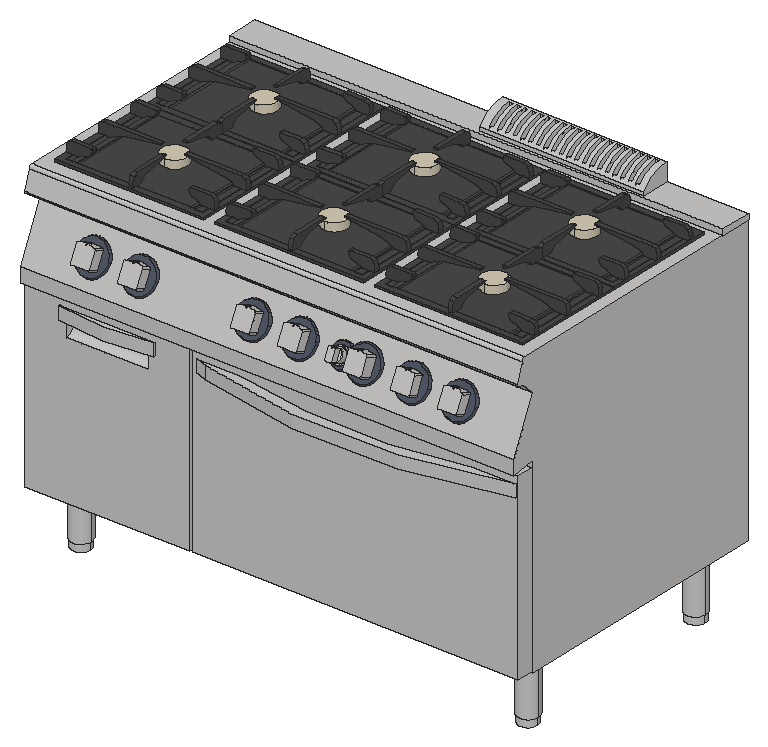
Revit family "QF_ZANUSSI_372152_Z7GCGL6C2A", category Specialty Equipment, Revit 2018
Family settings
  Round Connector Dimension = Use Diameter
  Part Type = Normal
  Work Plane-Based = No
  Always vertical = Yes
  Cut with Voids When Loaded = No
  Shared = No
  Room Calculation Point = No
Parameters (values of type "Standard")
  Weight = 120.00 kg
  Watts = 0 W
  Volts = 380 V
  URL Manufacturer = "http://www.zanussiprofessional.com"
  URL = "http://www.zanussiprofessional.com"
  Steam Supply Size = 0"
  Steam Supply Minimum Pressure = 0.00 psi
  Steam Supply Maximum Pressure = 0.00 psi
  Steam Pounds per Hour = 0
  Show Logo [instance] = yes
  Show Clearance [instance] = yes
  Refrigeration Suction Line Size = 0"
  Refrigeration Liquid Line Size = 0"
  Refrigerant Compressor Remote = yes
  Phase = 3
  Model = "Z7GCGL6C2A"
  Manufacturer = "Zanussi"
  Length Actual = 1200 mm  # constant formula
  Item Number = "372152"
  Hot Water Size = 0"
  Height Actual = 850 mm  # constant formula
  HP = "8 HP"
  Gas Size = 1/2"
  Gas KW = 33
  Gas Input Pressure = 1.10632 Btu/h
  Direct Waste Size = 0"
  Description = "6-BURN.GAS RANGE+EL.OVEN+CUPB.1200MM (AGA)"
  Depth Actual = 700 mm  # constant formula
  Cycle = 60 Hz
  Condensate Return Size = 0"
  Compressed Air Volume = 0 GPM
  Compressed Air Size = 0"
  Compressed Air Pressure = 0.00 psi
  Cold Water Size = 0"
  Assembly Code = ""
  Accessory = yes
Reference planes
  plane 1 "BACK": y = 0
  plane 2: z = 0
  plane 3 "LEFT": x = 0
  plane 4 "RIGHT": x = 1200
  plane 5 "FRONT": y = -700
  plane 6 "TOP": z = 908
  plane 7 "Center Y": x = 600
  plane 8 "Center X": y = -350
  plane 9 "Base": z = 150
  plane 10: z = 850
  plane 11: y = -715
  plane 12: y = -1109
  plane 13 "panel": through (-6096, -654.982, 762.214) normal (0, -0.8956, 0.4448)
  plane 14: x = 177.499
Forms (mm)
  Revolve 1, solid, material "QF_Finishes_Stainless Steel"
    sketch origin (1, -90, 0) x (1, 0, 0) y (0, 0, 1)
      loop
        line (55, 0) -> (55, 150) -> (29.6, 150) -> (29.6, 19.05) -> (32.1, 19.05) -> (32.1, 0) -> (55, 0)
      axis (55, 0) -> (55, 150)
    angle from 0 to 360
  Revolve 2, solid, material "QF_Finishes_Stainless Steel"
    sketch origin (1, -599.588, 0) x (1, 0, 0) y (0, 0, 1)
      loop
        line (55, 0) -> (55, 150) -> (29.6, 150) -> (29.6, 19.05) -> (32.1, 19.05) -> (32.1, 0) -> (55, 0)
      axis (55, 0) -> (55, 150)
    angle from 0 to 360
  Revolve 3, solid, material "QF_Finishes_Stainless Steel"
    sketch origin (799, -90, 0) x (-1, 0, 0) y (0, 0, -1)
      loop
        line (-345, 0) -> (-367.9, 0) -> (-367.9, -19.05) -> (-370.4, -19.05) -> (-370.4, -150) -> (-345, -150) -> (-345, 0)
      axis (-345, 0) -> (-345, -150)
    angle from 0 to 360
  Revolve 4, solid, material "QF_Finishes_Stainless Steel"
    sketch origin (799, -599.588, 0) x (-1, 0, 0) y (0, 0, -1)
      loop
        line (-345, 0) -> (-367.9, 0) -> (-367.9, -19.05) -> (-370.4, -19.05) -> (-370.4, -150) -> (-345, -150) -> (-345, 0)
      axis (-345, 0) -> (-345, -150)
    angle from 0 to 360
  Extrusion 5, solid, material "QF_Finishes_Stainless Steel"
    sketch origin (0, 0, 576.213) x (0, 1, 0) y (0, 0, 1)
      loop
        line (0, 273.788) -> (-679.358, 273.788)
        arc (-679.358, 273.788) -> (-684.643, 271.598) -> (-686.833, 266.313) r 7.474
        line (-686.833, 266.313) -> (-699.884, 220.798)
        arc (-699.884, 220.798) -> (-699.396, 218.166) -> (-697, 216.971) r 3
        line (-697, 216.971) -> (-686.802, 216.971) -> (-654.982, 185.152) -> (-715, 64.296) -> (-715, 29.296) -> (-658.645, 37.216)
        arc (-658.645, 37.216) -> (-656.101, 36.462) -> (-655, 34.047) r 3.2
        line (-655, 34.047) -> (-655, -426.212) -> (0, -426.212) -> (0, 273.788)
      loop
        line (-700, 23.788) -> (-700, -421.212) -> (-660, -421.212) -> (-660, 23.788) -> (-700, 23.788)
    from 0 to 1200
  Extrusion 6, solid, material "QF_Finishes_Stainless Steel"
    sketch origin (0, 0, 576.213) x (0, 1, 0) y (0, 0, 1)
      loop
        line (0, 273.787) -> (0, 288.075) -> (-76.2, 288.075) -> (-76.2, 273.787) -> (0, 273.787)
    from 0 to 1200
  Extrusion 7, solid, material "QF_Finishes_Stainless Steel"
    sketch origin (0, 0, 150) x (-1, 0, 0) y (0, -1, 0)
      loop
        circle (-1147.613, 464) r 6.35
    from -8.815 to 7.722
  Extrusion 8, solid, material "QF_Finishes_Door Clearance", visible <- "Show Clearance", detail levels coarse
    sketch origin (0, 0, 0) x (0, 1, 0) y (0, 0, 1)
      loop
        arc (-700, 600) -> (-991.638, 457.589) -> (-1109, 155) r 445
        line (-1109, 155) -> (-700, 155) -> (-700, 600)
    from 0 to 400.5
  Extrusion 9, solid, material "QF_Finishes_Clearance", visible <- "Show Clearance", detail levels coarse
    sketch origin (0, 0, 0) x (1, 0, 0) y (0, 1, 0)
      loop
        line (-150, -715) -> (0, -715) -> (0, 0) -> (1200, 0) -> (1200, -715) -> (1350, -715) -> (1350, 150) -> (-150, 150) -> (-150, -715)
    from 0 to 908.85
  Extrusion 10, void
    sketch origin (-62.611, 0, 865.138) x (-1, 0, 0) y (0, -1, 0)
      loop
        line (-695.005, 6.761) -> (-685.709, 6.761) -> (-685.709, 63.911) -> (-695.005, 63.911) -> (-695.005, 6.761)
      loop
        line (-713.697, 6.761) -> (-704.401, 6.761) -> (-704.401, 63.911) -> (-713.697, 63.911) -> (-713.697, 6.761)
      loop
        line (-732.39, 6.761) -> (-723.094, 6.761) -> (-723.094, 63.911) -> (-732.39, 63.911) -> (-732.39, 6.761)
      loop
        line (-751.082, 6.761) -> (-741.787, 6.761) -> (-741.787, 63.911) -> (-751.082, 63.911) -> (-751.082, 6.761)
      loop
        line (-769.775, 6.761) -> (-760.479, 6.761) -> (-760.479, 63.911) -> (-769.775, 63.911) -> (-769.775, 6.761)
      loop
        line (-788.468, 6.761) -> (-779.172, 6.761) -> (-779.172, 63.911) -> (-788.468, 63.911) -> (-788.468, 6.761)
      loop
        line (-807.16, 6.761) -> (-797.864, 6.761) -> (-797.864, 63.911) -> (-807.16, 63.911) -> (-807.16, 6.761)
      loop
        line (-825.853, 6.761) -> (-816.557, 6.761) -> (-816.557, 63.911) -> (-825.853, 63.911) -> (-825.853, 6.761)
      loop
        line (-844.545, 6.761) -> (-835.25, 6.761) -> (-835.25, 63.911) -> (-844.545, 63.911) -> (-844.545, 6.761)
      loop
        line (-863.238, 6.761) -> (-853.942, 6.761) -> (-853.942, 63.911) -> (-863.238, 63.911) -> (-863.238, 6.761)
      loop
        line (-881.931, 6.761) -> (-872.635, 6.761) -> (-872.635, 63.911) -> (-881.931, 63.911) -> (-881.931, 6.761)
      loop
        line (-900.623, 6.761) -> (-891.328, 6.761) -> (-891.328, 63.911) -> (-900.623, 63.911) -> (-900.623, 6.761)
      loop
        line (-919.316, 6.761) -> (-910.02, 6.761) -> (-910.02, 63.911) -> (-919.316, 63.911) -> (-919.316, 6.761)
      loop
        line (-938.008, 6.761) -> (-928.713, 6.761) -> (-928.713, 63.911) -> (-938.008, 63.911) -> (-938.008, 6.761)
      loop
        line (-956.701, 6.761) -> (-947.405, 6.761) -> (-947.405, 63.911) -> (-956.701, 63.911) -> (-956.701, 6.761)
      loop
        line (-975.394, 6.761) -> (-966.098, 6.761) -> (-966.098, 63.911) -> (-975.394, 63.911) -> (-975.394, 6.761)
      loop
        line (-994.086, 6.761) -> (-984.791, 6.761) -> (-984.791, 63.911) -> (-994.086, 63.911) -> (-994.086, 6.761)
      loop
        line (-1012.779, 6.761) -> (-1003.483, 6.761) -> (-1003.483, 63.911) -> (-1012.779, 63.911) -> (-1012.779, 6.761)
      loop
        line (-1031.472, 6.761) -> (-1022.176, 6.761) -> (-1022.176, 63.911) -> (-1031.472, 63.911) -> (-1031.472, 6.761)
      loop
        line (-1050.164, 6.761) -> (-1040.868, 6.761) -> (-1040.868, 63.911) -> (-1050.164, 63.911) -> (-1050.164, 6.761)
    from 9.525 to 45.348
  Extrusion 11, solid, material "QF_Finishes_Stainless Steel"
    sketch origin (202.4, 0, 590.5) x (0, 1, 0) y (0, 0, 1)
      loop
        line (0, 273.788) -> (0, 317.5)
        arc (0, 317.5) -> (-39.072, 308.879) -> (-69.85, 283.312) r 84.854
        line (-69.85, 283.312) -> (-69.85, 273.788) -> (0, 273.788)
    from 400 to 800
  Blend 12, solid, material "QF_Finishes_Navy Blue"
    base sketch origin (542.5, -684.991, 701.786) x (1, 0, 0) y (0, 0.444781, 0.895639)
      loop
        circle (0, 0) r 42.5
    top sketch origin (542.5, -684.991, 701.786) x (1, 0, 0) y (0, 0.444781, 0.895639)
      loop
        circle (0, 0) r 40.5
    from 0 to 5
  Extrusion 13, solid, material "QF_Finishes_Stainless Steel"
    sketch origin (542.5, -684.991, 701.786) x (1, 0, 0) y (0, 0.444781, 0.895639)
      loop
        arc (-21.147, 22.789) -> (-22.494, 21.685) -> (-23, 20.019) r 2.997
        line (-23, 20.019) -> (-23, -20.019)
        arc (-23, -20.019) -> (-22.122, -22.138) -> (-20.003, -23.016) r 2.997
        line (-20.003, -23.016) -> (20.003, -23.016)
        arc (20.003, -23.016) -> (22.122, -22.138) -> (23, -20.019) r 2.997
        line (23, -20.019) -> (23, 20.019)
        arc (23, 20.019) -> (22.494, 21.685) -> (21.147, 22.789) r 2.997
        arc (21.147, 22.789) -> (0, 26.984) -> (-21.147, 22.789) r 55.4
    from 10 to 34
  Extrusion 14, solid, material "QF_Plastic-Black-Matte"
    sketch origin (600, -684.991, 701.786) x (0, 0.444781, 0.895639) y (0, -0.895639, 0.444781)
      loop
        line (26.984, 34) -> (26.984, 19) -> (27.984, 19) -> (27.984, 34)
        arc (27.984, 34) -> (27.691, 34.707) -> (26.984, 35) r 1
        line (26.984, 35) -> (23.984, 35) -> (23.984, 34) -> (26.984, 34)
    from -58.5 to -56.5
  Extrusion 15, solid, material "QF_Finishes_Stainless Steel"
    sketch origin (542.5, -684.991, 701.786) x (1, 0, 0) y (0, 0.444781, 0.895639)
      loop
        line (17.5, 17.5) -> (-17.5, 17.5) -> (-17.5, -17.5) -> (17.5, -17.5) -> (17.5, 17.5)
    from 5 to 10
  Extrusion 16, solid, material "QF_Plastic-Black-Matte"
    sketch origin (600, -684.991, 701.786) x (0, 0.444781, 0.895639) y (0, 0.895639, -0.444781)
      loop
        line (26.984, -34) -> (23.984, -34) -> (23.984, -35) -> (26.984, -35)
        arc (26.984, -35) -> (27.691, -34.707) -> (27.984, -34) r 1
        line (27.984, -34) -> (27.984, -19) -> (26.984, -19) -> (26.984, -34)
    from -58.5 to -56.5
  Extrusion 17, solid, material "QF_Finishes_Stainless Steel"
    sketch origin (657.5, -684.991, 701.786) x (-1, 0, 0) y (0, -0.444781, -0.895639)
      loop
        line (17.5, -17.5) -> (17.5, 17.5) -> (-17.5, 17.5) -> (-17.5, -17.5) -> (17.5, -17.5)
    from 5 to 10
  Blend 18, solid, material "QF_Finishes_Navy Blue"
    base sketch origin (657.5, -684.991, 701.786) x (1, 0, 0) y (0, 0.444781, 0.895639)
      loop
        circle (0, 0) r 42.5
    top sketch origin (657.5, -684.991, 701.786) x (1, 0, 0) y (0, 0.444781, 0.895639)
      loop
        circle (0, 0) r 40.5
    from 0 to 5
  Extrusion 19, solid, material "QF_Finishes_Stainless Steel"
    sketch origin (657.5, -684.991, 701.786) x (-1, 0, 0) y (0, -0.444781, -0.895639)
      loop
        arc (-21.147, -22.789) -> (0, -26.984) -> (21.147, -22.789) r 55.4
        arc (21.147, -22.789) -> (22.494, -21.685) -> (23, -20.019) r 2.997
        line (23, -20.019) -> (23, 20.019)
        arc (23, 20.019) -> (22.122, 22.138) -> (20.003, 23.016) r 2.997
        line (20.003, 23.016) -> (-20.003, 23.016)
        arc (-20.003, 23.016) -> (-22.122, 22.138) -> (-23, 20.019) r 2.997
        line (-23, 20.019) -> (-23, -20.019)
        arc (-23, -20.019) -> (-22.494, -21.685) -> (-21.147, -22.789) r 2.997
    from 10 to 34
  Blend 20, solid, material "QF_Finishes_Navy Blue"
    base sketch origin (814.75, -684.991, 701.786) x (1, 0, 0) y (0, 0.444781, 0.895639)
      loop
        arc (-35.05, -24.037) -> (42.5, 0) -> (-35.05, 24.037) r 42.5
        arc (-35.05, 24.037) -> (-83, 0) -> (-35.05, -24.037) r 30
    top sketch origin (814.75, -684.991, 701.786) x (1, 0, 0) y (0, 0.444781, 0.895639)
      loop
        arc (-34.578, -21.086) -> (40.5, 0) -> (-34.578, 21.086) r 40.5
        arc (-34.578, 21.086) -> (-81, 0) -> (-34.578, -21.086) r 28
    from 0 to 5
  Extrusion 21, solid, material "QF_Finishes_Stainless Steel"
    sketch origin (582.25, -684.991, 701.786) x (1, 0, 0) y (0, 0.444781, 0.895639)
      loop
        circle (177.499, -0.341) r 20
    from 5 to 10
  Extrusion 22, void
    sketch origin (814.75, -684.991, 701.786) x (1, 0, 0) y (0, -0.895639, 0.444781)
      loop
        line (-62.999, 24.837) -> (-62.999, 40) -> (-71.893, 40) -> (-71.893, 22) -> (-65.835, 22)
        arc (-65.835, 22) -> (-63.827, 22.828) -> (-62.999, 24.837) r 2.827
      loop
        arc (-47.003, 24.837) -> (-46.175, 22.828) -> (-44.167, 22) r 2.827
        line (-44.167, 22) -> (-38.109, 22) -> (-38.109, 40) -> (-47.003, 40) -> (-47.003, 24.837)
    from -20.019 to 20.019
  Extrusion 23, solid, material "QF_Finishes_Stainless Steel"
    sketch origin (582.25, -684.991, 701.786) x (1, 0, 0) y (0, 0.444781, 0.895639)
      loop
        arc (211.353, 22.789) -> (210.006, 21.685) -> (209.5, 20.019) r 2.997
        line (209.5, 20.019) -> (209.5, -20.019)
        arc (209.5, -20.019) -> (210.378, -22.138) -> (212.497, -23.016) r 2.997
        line (212.497, -23.016) -> (252.503, -23.016)
        arc (252.503, -23.016) -> (254.622, -22.138) -> (255.5, -20.019) r 2.997
        line (255.5, -20.019) -> (255.5, 20.019)
        arc (255.5, 20.019) -> (254.994, 21.685) -> (253.647, 22.789) r 2.997
        arc (253.647, 22.789) -> (232.5, 26.984) -> (211.353, 22.789) r 55.4
    from 5 to 34
  Blend 24, solid, material "QF_Finishes_Navy Blue"
    base sketch origin (931.5, -684.991, 701.786) x (1, 0, 0) y (0, 0.444781, 0.895639)
      loop
        circle (0, 0) r 42.5
    top sketch origin (931.5, -684.991, 701.786) x (1, 0, 0) y (0, 0.444781, 0.895639)
      loop
        circle (0, 0) r 40.5
    from 0 to 5
  Extrusion 25, solid, material "QF_Finishes_Stainless Steel"
    sketch origin (931.5, -684.991, 701.786) x (1, 0, 0) y (0, 0.444781, 0.895639)
      loop
        arc (-21.147, 22.789) -> (-22.494, 21.685) -> (-23, 20.019) r 2.997
        line (-23, 20.019) -> (-23, -20.019)
        arc (-23, -20.019) -> (-22.122, -22.138) -> (-20.003, -23.016) r 2.997
        line (-20.003, -23.016) -> (20.003, -23.016)
        arc (20.003, -23.016) -> (22.122, -22.138) -> (23, -20.019) r 2.997
        line (23, -20.019) -> (23, 20.019)
        arc (23, 20.019) -> (22.494, 21.685) -> (21.147, 22.789) r 2.997
        arc (21.147, 22.789) -> (0, 26.984) -> (-21.147, 22.789) r 55.4
    from 10 to 34
  Extrusion 26, solid, material "QF_Plastic-Black-Matte"
    sketch origin (989, -684.991, 701.786) x (0, 0.444781, 0.895639) y (0, -0.895639, 0.444781)
      loop
        line (26.984, 34) -> (26.984, 19) -> (27.984, 19) -> (27.984, 34)
        arc (27.984, 34) -> (27.691, 34.707) -> (26.984, 35) r 1
        line (26.984, 35) -> (23.984, 35) -> (23.984, 34) -> (26.984, 34)
    from -58.5 to -56.5
  Extrusion 27, solid, material "QF_Finishes_Stainless Steel"
    sketch origin (931.5, -684.991, 701.786) x (1, 0, 0) y (0, 0.444781, 0.895639)
      loop
        line (17.5, 17.5) -> (-17.5, 17.5) -> (-17.5, -17.5) -> (17.5, -17.5) -> (17.5, 17.5)
    from 5 to 10
  Extrusion 28, solid, material "QF_Plastic-Black-Matte"
    sketch origin (989, -684.991, 701.786) x (0, 0.444781, 0.895639) y (0, 0.895639, -0.444781)
      loop
        line (26.984, -34) -> (23.984, -34) -> (23.984, -35) -> (26.984, -35)
        arc (26.984, -35) -> (27.691, -34.707) -> (27.984, -34) r 1
        line (27.984, -34) -> (27.984, -19) -> (26.984, -19) -> (26.984, -34)
    from -58.5 to -56.5
  Extrusion 29, solid, material "QF_Finishes_Stainless Steel"
    sketch origin (1046.5, -684.991, 701.786) x (-1, 0, 0) y (0, -0.444781, -0.895639)
      loop
        line (17.5, -17.5) -> (17.5, 17.5) -> (-17.5, 17.5) -> (-17.5, -17.5) -> (17.5, -17.5)
    from 5 to 10
  Blend 30, solid, material "QF_Finishes_Navy Blue"
    base sketch origin (1046.5, -684.991, 701.786) x (1, 0, 0) y (0, 0.444781, 0.895639)
      loop
        circle (0, 0) r 42.5
    top sketch origin (1046.5, -684.991, 701.786) x (1, 0, 0) y (0, 0.444781, 0.895639)
      loop
        circle (0, 0) r 40.5
    from 0 to 5
  Extrusion 31, solid, material "QF_Finishes_Stainless Steel"
    sketch origin (1046.5, -684.991, 701.786) x (-1, 0, 0) y (0, -0.444781, -0.895639)
      loop
        arc (-21.147, -22.789) -> (0, -26.984) -> (21.147, -22.789) r 55.4
        arc (21.147, -22.789) -> (22.494, -21.685) -> (23, -20.019) r 2.997
        line (23, -20.019) -> (23, 20.019)
        arc (23, 20.019) -> (22.122, 22.138) -> (20.003, 23.016) r 2.997
        line (20.003, 23.016) -> (-20.003, 23.016)
        arc (-20.003, 23.016) -> (-22.122, 22.138) -> (-23, 20.019) r 2.997
        line (-23, 20.019) -> (-23, -20.019)
        arc (-23, -20.019) -> (-22.494, -21.685) -> (-21.147, -22.789) r 2.997
    from 10 to 34
  Blend 32, solid, material "QF_Finishes_Navy Blue"
    base sketch origin (153.5, -684.991, 701.786) x (1, 0, 0) y (0, 0.444781, 0.895639)
      loop
        circle (0, 0) r 42.5
    top sketch origin (153.5, -684.991, 701.786) x (1, 0, 0) y (0, 0.444781, 0.895639)
      loop
        circle (0, 0) r 40.5
    from 0 to 5
  Extrusion 33, solid, material "QF_Finishes_Stainless Steel"
    sketch origin (153.5, -684.991, 701.786) x (1, 0, 0) y (0, 0.444781, 0.895639)
      loop
        arc (-21.147, 22.789) -> (-22.494, 21.685) -> (-23, 20.019) r 2.997
        line (-23, 20.019) -> (-23, -20.019)
        arc (-23, -20.019) -> (-22.122, -22.138) -> (-20.003, -23.016) r 2.997
        line (-20.003, -23.016) -> (20.003, -23.016)
        arc (20.003, -23.016) -> (22.122, -22.138) -> (23, -20.019) r 2.997
        line (23, -20.019) -> (23, 20.019)
        arc (23, 20.019) -> (22.494, 21.685) -> (21.147, 22.789) r 2.997
        arc (21.147, 22.789) -> (0, 26.984) -> (-21.147, 22.789) r 55.4
    from 10 to 34
  Extrusion 34, solid, material "QF_Plastic-Black-Matte"
    sketch origin (211, -684.991, 701.786) x (0, 0.444781, 0.895639) y (0, -0.895639, 0.444781)
      loop
        line (26.984, 34) -> (26.984, 19) -> (27.984, 19) -> (27.984, 34)
        arc (27.984, 34) -> (27.691, 34.707) -> (26.984, 35) r 1
        line (26.984, 35) -> (23.984, 35) -> (23.984, 34) -> (26.984, 34)
    from -58.5 to -56.5
  Extrusion 35, solid, material "QF_Finishes_Stainless Steel"
    sketch origin (153.5, -684.991, 701.786) x (1, 0, 0) y (0, 0.444781, 0.895639)
      loop
        line (17.5, 17.5) -> (-17.5, 17.5) -> (-17.5, -17.5) -> (17.5, -17.5) -> (17.5, 17.5)
    from 5 to 10
  Extrusion 36, solid, material "QF_Plastic-Black-Matte"
    sketch origin (211, -684.991, 701.786) x (0, 0.444781, 0.895639) y (0, 0.895639, -0.444781)
      loop
        line (26.984, -34) -> (23.984, -34) -> (23.984, -35) -> (26.984, -35)
        arc (26.984, -35) -> (27.691, -34.707) -> (27.984, -34) r 1
        line (27.984, -34) -> (27.984, -19) -> (26.984, -19) -> (26.984, -34)
    from -58.5 to -56.5
  Extrusion 37, solid, material "QF_Finishes_Stainless Steel"
    sketch origin (268.5, -684.991, 701.786) x (-1, 0, 0) y (0, -0.444781, -0.895639)
      loop
        line (17.5, -17.5) -> (17.5, 17.5) -> (-17.5, 17.5) -> (-17.5, -17.5) -> (17.5, -17.5)
    from 5 to 10
  Blend 38, solid, material "QF_Finishes_Navy Blue"
    base sketch origin (268.5, -684.991, 701.786) x (1, 0, 0) y (0, 0.444781, 0.895639)
      loop
        circle (0, 0) r 42.5
    top sketch origin (268.5, -684.991, 701.786) x (1, 0, 0) y (0, 0.444781, 0.895639)
      loop
        circle (0, 0) r 40.5
    from 0 to 5
  Extrusion 39, solid, material "QF_Finishes_Stainless Steel"
    sketch origin (268.5, -684.991, 701.786) x (-1, 0, 0) y (0, -0.444781, -0.895639)
      loop
        arc (-21.147, -22.789) -> (0, -26.984) -> (21.147, -22.789) r 55.4
        arc (21.147, -22.789) -> (22.494, -21.685) -> (23, -20.019) r 2.997
        line (23, -20.019) -> (23, 20.019)
        arc (23, 20.019) -> (22.122, 22.138) -> (20.003, 23.016) r 2.997
        line (20.003, 23.016) -> (-20.003, 23.016)
        arc (-20.003, 23.016) -> (-22.122, 22.138) -> (-23, 20.019) r 2.997
        line (-23, 20.019) -> (-23, -20.019)
        arc (-23, -20.019) -> (-22.494, -21.685) -> (-21.147, -22.789) r 2.997
    from 10 to 34
  Extrusion 40, solid, material "QF_Finishes_Stainless Steel"
    sketch origin (0, -827.391, 415.041) x (0, 0.444781, 0.895639) y (-1, 0, 0)
      loop
        circle (319.816, -759.749) r 16
    from 10 to 40
  Extrusion 41, solid, material "QF_Finishes_Stainless Steel"
    sketch origin (-7.892, 0, 150) x (-1, 0, 0) y (0, -1, 0)
      loop
        line (-1202.142, 700) -> (-1108.537, 700)
        arc (-1108.537, 700) -> (-812.142, 735) -> (-515.747, 700) r 1272.5
        line (-515.747, 700) -> (-422.142, 700)
        arc (-422.142, 700) -> (-439.359, 705.295) -> (-456.648, 710.35) r 1297.5
        arc (-456.648, 710.35) -> (-830.154, 759.875) -> (-1202.142, 700) r 1297.5
    from 400 to 430
  Extrusion 42, solid, material "QF_Finishes_Stainless Steel"
    sketch origin (0, 0, 150) x (-1, 0, 0) y (0, -1, 0)
      loop
        arc (-85.253, 704) -> (-200.527, 715) -> (-315.8, 704) r 609.497
        line (-315.8, 704) -> (-315.8, 700) -> (-85.253, 700) -> (-85.253, 704)
    from 400 to 430
  Extrusion 43, solid, material "QF_Finishes_Door Clearance", visible <- "Show Clearance", detail levels coarse
    sketch origin (0, 0, 0) x (0, 1, 0) y (0, 0, 1)
      loop
        line (-1109, 150) -> (-700, 150) -> (-700, 601.405)
        arc (-700, 601.405) -> (-991.543, 454.568) -> (-1109, 150) r 453.603
    from 408.5 to 1200
  Extrusion 44, solid, material "QF_Finishes_Stainless Steel"
    sketch origin (0, 0, 150) x (-1, 0, 0) y (0, -1, 0)
      loop
        circle (-1152, 513) r 10
    from 0 to -3
  Extrusion 45, void
    sketch origin (0, 0, 0) x (0, 1, 0) y (0, 0, 1)
      loop
        line (-700, 565.85) -> (-700, 515.05)
        arc (-700, 515.05) -> (-684.405, 523.118) -> (-678.147, 539.523) r 24.63
        line (-678.147, 539.523) -> (-678.147, 565.85) -> (-700, 565.85)
    from 300.8 to 100.253
  Extrusion 46, void
    sketch origin (0, -700, 0) x (1, 0, 0) y (0, 0, 1)
      loop
        line (400.5, 600) -> (400.5, 155) -> (408.5, 155) -> (408.5, 600) -> (400.5, 600)
    from 0 to -40
  Extrusion 47, solid, material "QF_Plastic-Black-Matte"
    sketch origin (872.25, -684.991, 701.786) x (0, 0.444781, 0.895639) y (0, -0.895639, 0.444781)
      loop
        line (26.984, 34) -> (26.984, 19) -> (27.984, 19) -> (27.984, 34)
        arc (27.984, 34) -> (27.691, 34.707) -> (26.984, 35) r 1
        line (26.984, 35) -> (23.984, 35) -> (23.984, 34) -> (26.984, 34)
    from -58.5 to -56.5
  Extrusion 48, solid, material "QF_Plastic-Black-Matte"
    sketch origin (817.249, -695.402, 694.312) x (0, 0.444781, 0.895639) y (0, -0.895639, 0.444781)
      loop
        line (26.984, 34) -> (26.984, 19) -> (27.984, 19) -> (27.984, 34)
        arc (27.984, 34) -> (27.691, 34.707) -> (26.984, 35) r 1
        line (26.984, 35) -> (23.984, 35) -> (23.984, 34) -> (26.984, 34)
    from -58.5 to -56.5
Cuts and joins
  Extrusion 10 cuts Extrusion 6
  Extrusion 10, Extrusion 45 cuts Extrusion 9
  Extrusion 10 cuts Extrusion 11
  Extrusion 22 cuts Extrusion 40
  Extrusion 45, Extrusion 46 cuts Extrusion 5
Lines and regions (mm)
  Split face 1
    outline origin (542.5, -689.469, 704.01) x (1, 0, 0) y (0, 0.444781, 0.895639)
      loop
        circle (-33, 0) r 3
  Split face 2
    outline origin (663.401, -689.469, 704.01) x (1, 0, 0) y (0, 0.444781, 0.895639)
      loop
        line (-8.901, 38.561) -> (-8.901, 28.561) -> (-2.901, 28.561) -> (-2.901, 38.561) -> (-8.901, 38.561)
  Split face 3
    outline origin (663.401, -689.469, 704.01) x (1, 0, 0) y (0, 0.444781, 0.895639)
      loop
        line (-8.401, 38.061) -> (-8.401, 29.061) -> (-3.401, 29.061) -> (-3.401, 38.061) -> (-8.401, 38.061)
  Split face 4
    outline origin (663.401, -689.469, 704.01) x (1, 0, 0) y (0, 0.444781, 0.895639)
      loop
        line (-8.401, 33.561) -> (-3.401, 33.561)
  Split face 5
    outline origin (663.401, -689.469, 704.01) x (1, 0, 0) y (0, 0.444781, 0.895639)
      loop
        line (-8.401, 33.061) -> (-3.401, 33.061)
  Split face 6
    outline origin (548.401, -689.469, 704.01) x (1, 0, 0) y (0, 0.444781, 0.895639)
      loop
        line (-8.901, 38.561) -> (-8.901, 28.561) -> (-2.901, 28.561) -> (-2.901, 38.561) -> (-8.901, 38.561)
  Split face 7
    outline origin (548.401, -689.469, 704.01) x (1, 0, 0) y (0, 0.444781, 0.895639)
      loop
        line (-8.401, 38.061) -> (-8.401, 29.061) -> (-3.401, 29.061) -> (-3.401, 38.061) -> (-8.401, 38.061)
  Split face 8
    outline origin (548.401, -689.469, 704.01) x (1, 0, 0) y (0, 0.444781, 0.895639)
      loop
        line (-8.401, 34.061) -> (-3.401, 34.061)
  Split face 9
    outline origin (548.401, -689.469, 704.01) x (1, 0, 0) y (0, 0.444781, 0.895639)
      loop
        line (-8.401, 33.561) -> (-3.401, 33.561)
  Split face 10
    outline origin (568.157, -675.159, 732.825) x (-1, 0, 0) y (0, -0.444781, -0.895639)
      loop
        circle (43.456, 61.543) r 1.5
  Split face 11
    outline origin (548.401, -689.469, 704.01) x (1, 0, 0) y (0, 0.444781, 0.895639)
      loop
        circle (-5.901, 31.311) r 2.029
  Split face 12
    outline origin (663.401, -689.469, 704.01) x (1, 0, 0) y (0, 0.444781, 0.895639)
      loop
        circle (-5.901, 35.811) r 2.031
  Split face 13
    outline origin (542.5, -689.469, 704.01) x (1, 0, 0) y (0, 0.444781, 0.895639)
      loop
        circle (-24.487, 26.694) r 3.497
  Split face 14
    outline origin (657.5, -689.469, 704.01) x (1, 0, 0) y (0, 0.444781, 0.895639)
      loop
        circle (-24.487, 26.694) r 3.497
  Split face 15
    outline origin (657.5, -689.469, 704.01) x (1, 0, 0) y (0, 0.444781, 0.895639)
      loop
        circle (-33, 0) r 3
  Split face 16
    outline origin (657.5, -689.469, 704.01) x (1, 0, 0) y (0, 0.444781, 0.895639)
      loop
        circle (-17.8, -29.371) r 1.5
  Split face 17
    outline origin (814.75, -689.469, 704.01) x (1, 0, 0) y (0, 0.444781, 0.895639)
      loop
        circle (0, 33) r 1
  Split face 18
    outline origin (814.75, -689.469, 704.01) x (1, 0, 0) y (0, 0.444781, 0.895639)
      loop
        circle (-8.541, 31.876) r 1
  Split face 19
    outline origin (814.75, -689.469, 704.01) x (1, 0, 0) y (0, 0.444781, 0.895639)
      loop
        circle (-16.5, 28.579) r 1
  Split face 20
    outline origin (814.75, -689.469, 704.01) x (1, 0, 0) y (0, 0.444781, 0.895639)
      loop
        circle (-23.335, 23.335) r 1
  Split face 21
    outline origin (814.75, -689.469, 704.01) x (1, 0, 0) y (0, 0.444781, 0.895639)
      loop
        circle (-28.579, 16.5) r 1
  Split face 22
    outline origin (814.75, -689.469, 704.01) x (1, 0, 0) y (0, 0.444781, 0.895639)
      loop
        circle (-31.876, 8.541) r 1
  Split face 23
    outline origin (814.75, -689.469, 704.01) x (1, 0, 0) y (0, 0.444781, 0.895639)
      loop
        circle (-33, 0) r 1
  Split face 24
    outline origin (814.75, -689.469, 704.01) x (-1, 0, 0) y (0, 0.444781, 0.895639)
      loop
        circle (-8.541, 31.876) r 1
  Split face 25
    outline origin (814.75, -689.469, 704.01) x (-1, 0, 0) y (0, 0.444781, 0.895639)
      loop
        circle (-16.5, 28.579) r 1
  Split face 26
    outline origin (814.75, -689.469, 704.01) x (-1, 0, 0) y (0, 0.444781, 0.895639)
      loop
        circle (-23.335, 23.335) r 1
  Split face 27
    outline origin (814.75, -689.469, 704.01) x (-1, 0, 0) y (0, 0.444781, 0.895639)
      loop
        circle (-28.579, 16.5) r 1
  Split face 28
    outline origin (814.75, -689.469, 704.01) x (-1, 0, 0) y (0, 0.444781, 0.895639)
      loop
        circle (-31.876, 8.541) r 1
  Split face 29
    outline origin (814.75, -689.469, 704.01) x (1, 0, 0) y (0, -0.444781, -0.895639)
      loop
        circle (0, 33) r 1
  Split face 30
    outline origin (814.75, -689.469, 704.01) x (1, 0, 0) y (0, -0.444781, -0.895639)
      loop
        circle (-8.541, 31.876) r 1
  Split face 31
    outline origin (814.75, -689.469, 704.01) x (1, 0, 0) y (0, -0.444781, -0.895639)
      loop
        circle (-16.5, 28.579) r 1
  Split face 32
    outline origin (814.75, -689.469, 704.01) x (1, 0, 0) y (0, -0.444781, -0.895639)
      loop
        circle (-23.335, 23.335) r 1
  Split face 33
    outline origin (814.75, -689.469, 704.01) x (1, 0, 0) y (0, -0.444781, -0.895639)
      loop
        circle (-28.579, 16.5) r 1
  Split face 34
    outline origin (814.75, -689.469, 704.01) x (1, 0, 0) y (0, -0.444781, -0.895639)
      loop
        circle (-31.876, 8.541) r 1
  Split face 35
    outline origin (814.75, -689.469, 704.01) x (-1, 0, 0) y (0, -0.444781, -0.895639)
      loop
        circle (-8.541, 31.876) r 1
  Split face 36
    outline origin (814.75, -689.469, 704.01) x (-1, 0, 0) y (0, -0.444781, -0.895639)
      loop
        circle (-16.5, 28.579) r 1
  Split face 37
    outline origin (814.75, -689.469, 704.01) x (-1, 0, 0) y (0, -0.444781, -0.895639)
      loop
        circle (-23.335, 23.335) r 1
  Split face 38
    outline origin (814.75, -689.469, 704.01) x (-1, 0, 0) y (0, -0.444781, -0.895639)
      loop
        circle (-28.579, 16.5) r 1
  Split face 39
    outline origin (814.75, -689.469, 704.01) x (-1, 0, 0) y (0, -0.444781, -0.895639)
      loop
        circle (-31.876, 8.541) r 1
  Split face 40
    outline origin (814.75, -689.469, 704.01) x (1, 0, 0) y (0, 0.444781, 0.895639)
      loop
        circle (33, 0) r 1
  Split face 41
    outline origin (814.75, -689.469, 704.01) x (1, 0, 0) y (0, 0.444781, 0.895639)
      loop
        circle (-55.001, 22) r 1.508
  Split face 42
    outline origin (814.75, -689.469, 704.01) x (1, 0, 0) y (0, 0.444781, 0.895639)
      loop
        circle (-77.001, 0) r 1.343
  Split face 43
    outline origin (814.75, -689.469, 704.01) x (1, 0, 0) y (0, 0.444781, 0.895639)
      loop
        line (-56.273, -20.786) -> (-56.273, -25.164) -> (-53.729, -25.164) -> (-53.729, -20.786) -> (-56.273, -20.786)
  Split face 44
    outline origin (931.5, -689.469, 704.01) x (1, 0, 0) y (0, 0.444781, 0.895639)
      loop
        circle (-33, 0) r 3
  Split face 45
    outline origin (1052.401, -689.469, 704.01) x (1, 0, 0) y (0, 0.444781, 0.895639)
      loop
        line (-8.901, 38.561) -> (-8.901, 28.561) -> (-2.901, 28.561) -> (-2.901, 38.561) -> (-8.901, 38.561)
  Split face 46
    outline origin (1052.401, -689.469, 704.01) x (1, 0, 0) y (0, 0.444781, 0.895639)
      loop
        line (-8.401, 38.061) -> (-8.401, 29.061) -> (-3.401, 29.061) -> (-3.401, 38.061) -> (-8.401, 38.061)
  Split face 47
    outline origin (1052.401, -689.469, 704.01) x (1, 0, 0) y (0, 0.444781, 0.895639)
      loop
        line (-8.401, 33.561) -> (-3.401, 33.561)
  Split face 48
    outline origin (1052.401, -689.469, 704.01) x (1, 0, 0) y (0, 0.444781, 0.895639)
      loop
        line (-8.401, 33.061) -> (-3.401, 33.061)
  Split face 49
    outline origin (937.401, -689.469, 704.01) x (1, 0, 0) y (0, 0.444781, 0.895639)
      loop
        line (-8.901, 38.561) -> (-8.901, 28.561) -> (-2.901, 28.561) -> (-2.901, 38.561) -> (-8.901, 38.561)
  Split face 50
    outline origin (937.401, -689.469, 704.01) x (1, 0, 0) y (0, 0.444781, 0.895639)
      loop
        line (-8.401, 38.061) -> (-8.401, 29.061) -> (-3.401, 29.061) -> (-3.401, 38.061) -> (-8.401, 38.061)
  Split face 51
    outline origin (937.401, -689.469, 704.01) x (1, 0, 0) y (0, 0.444781, 0.895639)
      loop
        line (-8.401, 34.061) -> (-3.401, 34.061)
  Split face 52
    outline origin (937.401, -689.469, 704.01) x (1, 0, 0) y (0, 0.444781, 0.895639)
      loop
        line (-8.401, 33.561) -> (-3.401, 33.561)
  Split face 53
    outline origin (957.157, -675.159, 732.825) x (-1, 0, 0) y (0, -0.444781, -0.895639)
      loop
        circle (43.456, 61.543) r 1.5
  Split face 54
    outline origin (937.401, -689.469, 704.01) x (1, 0, 0) y (0, 0.444781, 0.895639)
      loop
        circle (-5.901, 31.311) r 2.029
  Split face 55
    outline origin (1052.401, -689.469, 704.01) x (1, 0, 0) y (0, 0.444781, 0.895639)
      loop
        circle (-5.901, 35.811) r 2.031
  Split face 56
    outline origin (931.5, -689.469, 704.01) x (1, 0, 0) y (0, 0.444781, 0.895639)
      loop
        circle (-24.487, 26.694) r 3.497
  Split face 57
    outline origin (1046.5, -689.469, 704.01) x (1, 0, 0) y (0, 0.444781, 0.895639)
      loop
        circle (-24.487, 26.694) r 3.497
  Split face 58
    outline origin (1046.5, -689.469, 704.01) x (1, 0, 0) y (0, 0.444781, 0.895639)
      loop
        circle (-33, 0) r 3
  Split face 59
    outline origin (1046.5, -689.469, 704.01) x (1, 0, 0) y (0, 0.444781, 0.895639)
      loop
        circle (-17.8, -29.371) r 1.5
  Split face 60
    outline origin (153.5, -689.469, 704.01) x (1, 0, 0) y (0, 0.444781, 0.895639)
      loop
        circle (-33, 0) r 3
  Split face 61
    outline origin (274.401, -689.469, 704.01) x (1, 0, 0) y (0, 0.444781, 0.895639)
      loop
        line (-8.901, 38.561) -> (-8.901, 28.561) -> (-2.901, 28.561) -> (-2.901, 38.561) -> (-8.901, 38.561)
  Split face 62
    outline origin (274.401, -689.469, 704.01) x (1, 0, 0) y (0, 0.444781, 0.895639)
      loop
        line (-8.401, 38.061) -> (-8.401, 29.061) -> (-3.401, 29.061) -> (-3.401, 38.061) -> (-8.401, 38.061)
  Split face 63
    outline origin (274.401, -689.469, 704.01) x (1, 0, 0) y (0, 0.444781, 0.895639)
      loop
        line (-8.401, 33.561) -> (-3.401, 33.561)
  Split face 64
    outline origin (274.401, -689.469, 704.01) x (1, 0, 0) y (0, 0.444781, 0.895639)
      loop
        line (-8.401, 33.061) -> (-3.401, 33.061)
  Split face 65
    outline origin (159.401, -689.469, 704.01) x (1, 0, 0) y (0, 0.444781, 0.895639)
      loop
        line (-8.901, 38.561) -> (-8.901, 28.561) -> (-2.901, 28.561) -> (-2.901, 38.561) -> (-8.901, 38.561)
  Split face 66
    outline origin (159.401, -689.469, 704.01) x (1, 0, 0) y (0, 0.444781, 0.895639)
      loop
        line (-8.401, 38.061) -> (-8.401, 29.061) -> (-3.401, 29.061) -> (-3.401, 38.061) -> (-8.401, 38.061)
  Split face 67
    outline origin (159.401, -689.469, 704.01) x (1, 0, 0) y (0, 0.444781, 0.895639)
      loop
        line (-8.401, 34.061) -> (-3.401, 34.061)
  Split face 68
    outline origin (159.401, -689.469, 704.01) x (1, 0, 0) y (0, 0.444781, 0.895639)
      loop
        line (-8.401, 33.561) -> (-3.401, 33.561)
  Split face 69
    outline origin (179.157, -675.159, 732.825) x (-1, 0, 0) y (0, -0.444781, -0.895639)
      loop
        circle (43.456, 61.543) r 1.5
  Split face 70
    outline origin (159.401, -689.469, 704.01) x (1, 0, 0) y (0, 0.444781, 0.895639)
      loop
        circle (-5.901, 31.311) r 2.029
  Split face 71
    outline origin (274.401, -689.469, 704.01) x (1, 0, 0) y (0, 0.444781, 0.895639)
      loop
        circle (-5.901, 35.811) r 2.031
  Split face 72
    outline origin (153.5, -689.469, 704.01) x (1, 0, 0) y (0, 0.444781, 0.895639)
      loop
        circle (-24.487, 26.694) r 3.497
  Split face 73
    outline origin (268.5, -689.469, 704.01) x (1, 0, 0) y (0, 0.444781, 0.895639)
      loop
        circle (-24.487, 26.694) r 3.497
  Split face 74
    outline origin (268.5, -689.469, 704.01) x (1, 0, 0) y (0, 0.444781, 0.895639)
      loop
        circle (-33, 0) r 3
  Split face 75
    outline origin (268.5, -689.469, 704.01) x (1, 0, 0) y (0, 0.444781, 0.895639)
      loop
        circle (-17.8, -29.371) r 1.5
  symbolic lines, style "QF-Door Swings"
    curve 1: line (0, -715, 150) -> (0, -1109, 150)
    curve 2: line (0, -1109, 150) -> (1200, -1109, 150)
    curve 3: line (1200, -1109, 150) -> (1200, -715, 150)
    curve 244: line (400.5, -715, 150) -> (400.5, -1109, 150)
    curve 245: line (408.5, -715, 150) -> (408.5, -1109, 150)
  symbolic lines
    curve 4: line (0, 0, 150) -> (0, -715, 150)
    curve 5: line (0, -69.85, 150) -> (1200, -69.85, 150)
    curve 6: line (0, -76.2, 150) -> (1200, -76.2, 150)
    curve 7: line (1200, -715, 150) -> (1200, 0, 150)
    curve 8: line (0, 0, 150) -> (1200, 0, 150)
    curve 12: line (632.394, -6.761, 150) -> (632.394, -63.911, 150)
    curve 13: line (632.394, -63.911, 150) -> (623.098, -63.911, 150)
    curve 14: line (623.098, -63.911, 150) -> (623.098, -6.761, 150)
    curve 15: line (623.098, -6.761, 150) -> (632.394, -6.761, 150)
    curve 16: line (838.012, -6.761, 150) -> (838.012, -63.911, 150)
    curve 17: line (838.012, -63.911, 150) -> (828.717, -63.911, 150)
    curve 18: line (828.717, -63.911, 150) -> (828.717, -6.761, 150)
    curve 19: line (828.717, -6.761, 150) -> (838.012, -6.761, 150)
    curve 20: line (819.32, -6.761, 150) -> (819.32, -63.911, 150)
    curve 21: line (819.32, -63.911, 150) -> (810.024, -63.911, 150)
    curve 22: line (810.024, -63.911, 150) -> (810.024, -6.761, 150)
    curve 23: line (810.024, -6.761, 150) -> (819.32, -6.761, 150)
    curve 24: line (800.627, -6.761, 150) -> (800.627, -63.911, 150)
    curve 25: line (800.627, -63.911, 150) -> (791.331, -63.911, 150)
    curve 26: line (791.331, -63.911, 150) -> (791.331, -6.761, 150)
    curve 27: line (791.331, -6.761, 150) -> (800.627, -6.761, 150)
    curve 28: line (781.934, -6.761, 150) -> (781.934, -63.911, 150)
    curve 29: line (781.934, -63.911, 150) -> (772.639, -63.911, 150)
    curve 30: line (772.639, -63.911, 150) -> (772.639, -6.761, 150)
    curve 31: line (772.639, -6.761, 150) -> (781.934, -6.761, 150)
    curve 32: line (763.242, -6.761, 150) -> (763.242, -63.911, 150)
    curve 33: line (763.242, -63.911, 150) -> (753.946, -63.911, 150)
    curve 34: line (753.946, -63.911, 150) -> (753.946, -6.761, 150)
    curve 35: line (753.946, -6.761, 150) -> (763.242, -6.761, 150)
    curve 36: line (744.549, -6.761, 150) -> (744.549, -63.911, 150)
    curve 37: line (744.549, -63.911, 150) -> (735.253, -63.911, 150)
    curve 38: line (735.253, -63.911, 150) -> (735.253, -6.761, 150)
    curve 39: line (735.253, -6.761, 150) -> (744.549, -6.761, 150)
    curve 40: line (725.857, -6.761, 150) -> (725.857, -63.911, 150)
    curve 41: line (725.857, -63.911, 150) -> (716.561, -63.911, 150)
    curve 42: line (716.561, -63.911, 150) -> (716.561, -6.761, 150)
    curve 43: line (716.561, -6.761, 150) -> (725.857, -6.761, 150)
    curve 44: line (707.164, -6.761, 150) -> (707.164, -63.911, 150)
    curve 45: line (707.164, -63.911, 150) -> (697.868, -63.911, 150)
    curve 46: line (697.868, -63.911, 150) -> (697.868, -6.761, 150)
    curve 47: line (697.868, -6.761, 150) -> (707.164, -6.761, 150)
    curve 48: line (688.471, -6.761, 150) -> (688.471, -63.911, 150)
    curve 49: line (688.471, -63.911, 150) -> (679.176, -63.911, 150)
    curve 50: line (679.176, -63.911, 150) -> (679.176, -6.761, 150)
    curve 51: line (679.176, -6.761, 150) -> (688.471, -6.761, 150)
    curve 52: line (669.779, -6.761, 150) -> (669.779, -63.911, 150)
    curve 53: line (669.779, -63.911, 150) -> (660.483, -63.911, 150)
    curve 54: line (660.483, -63.911, 150) -> (660.483, -6.761, 150)
    curve 55: line (660.483, -6.761, 150) -> (669.779, -6.761, 150)
    curve 56: line (651.086, -6.761, 150) -> (651.086, -63.911, 150)
    curve 57: line (651.086, -63.911, 150) -> (641.79, -63.911, 150)
    curve 58: line (641.79, -63.911, 150) -> (641.79, -6.761, 150)
    curve 59: line (641.79, -6.761, 150) -> (651.086, -6.761, 150)
    curve 60: line (987.553, -6.761, 150) -> (987.553, -63.911, 150)
    curve 61: line (987.553, -63.911, 150) -> (978.257, -63.911, 150)
    curve 62: line (978.257, -63.911, 150) -> (978.257, -6.761, 150)
    curve 63: line (978.257, -6.761, 150) -> (987.553, -6.761, 150)
    curve 64: line (968.861, -6.761, 150) -> (968.861, -63.911, 150)
    curve 65: line (968.861, -63.911, 150) -> (959.565, -63.911, 150)
    curve 66: line (959.565, -63.911, 150) -> (959.565, -6.761, 150)
    curve 67: line (959.565, -6.761, 150) -> (968.861, -6.761, 150)
    curve 68: line (950.168, -6.761, 150) -> (950.168, -63.911, 150)
    curve 69: line (950.168, -63.911, 150) -> (940.872, -63.911, 150)
    curve 70: line (940.872, -63.911, 150) -> (940.872, -6.761, 150)
    curve 71: line (940.872, -6.761, 150) -> (950.168, -6.761, 150)
    curve 72: line (931.475, -6.761, 150) -> (931.475, -63.911, 150)
    curve 73: line (931.475, -63.911, 150) -> (922.18, -63.911, 150)
    curve 74: line (922.18, -63.911, 150) -> (922.18, -6.761, 150)
    curve 75: line (922.18, -6.761, 150) -> (931.475, -6.761, 150)
    curve 76: line (912.783, -6.761, 150) -> (912.783, -63.911, 150)
    curve 77: line (912.783, -63.911, 150) -> (903.487, -63.911, 150)
    curve 78: line (903.487, -63.911, 150) -> (903.487, -6.761, 150)
    curve 79: line (903.487, -6.761, 150) -> (912.783, -6.761, 150)
    curve 80: line (894.09, -6.761, 150) -> (894.09, -63.911, 150)
    curve 81: line (894.09, -63.911, 150) -> (884.794, -63.911, 150)
    curve 82: line (884.794, -63.911, 150) -> (884.794, -6.761, 150)
    curve 83: line (884.794, -6.761, 150) -> (894.09, -6.761, 150)
    curve 84: line (875.397, -6.761, 150) -> (875.397, -63.911, 150)
    curve 85: line (875.397, -63.911, 150) -> (866.102, -63.911, 150)
    curve 86: line (866.102, -63.911, 150) -> (866.102, -6.761, 150)
    curve 87: line (866.102, -6.761, 150) -> (875.397, -6.761, 150)
    curve 88: line (856.705, -6.761, 150) -> (856.705, -63.911, 150)
    curve 89: line (856.705, -63.911, 150) -> (847.409, -63.911, 150)
    curve 90: line (847.409, -63.911, 150) -> (847.409, -6.761, 150)
    curve 91: line (847.409, -6.761, 150) -> (856.705, -6.761, 150)
    curve 92: line (1002.4, -69.85, 150) -> (1002.4, 0, 150)
    curve 93: line (602.4, -69.85, 150) -> (602.4, 0, 150)
    curve 94: line (245.371, -700, 0) -> (245.371, -724.347, 0)
    curve 95: arc (245.371, -724.347, 0) -> (245.517, -724.811, 0) -> (245.903, -725.107, 0) r 0.809
    curve 96: arc (245.903, -725.107, 0) -> (247.091, -725.587, 0) -> (248.369, -725.68, 0) r 4.127
    curve 97: arc (245.371, -704.292, 0) -> (240.33, -702.458, 0) -> (235.562, -700, 0) r 42.24
    curve 98: arc (245.371, -706.539, 0) -> (245.873, -705.818, 0) -> (246.671, -705.448, 0) r 1.682
    curve 99: arc (246.671, -705.448, 0) -> (256.973, -703.95, 0) -> (267.371, -703.441, 0) r 109.079
    curve 100: line (267.371, -700, 0) -> (267.371, -705.671, 0)
    curve 101: line (267.371, -705.671, 0) -> (269.371, -705.671, 0)
    curve 102: line (269.371, -705.671, 0) -> (269.371, -700, 0)
    curve 103: line (291.371, -700, 0) -> (291.371, -724.347, 0)
    curve 104: arc (291.371, -724.347, 0) -> (291.225, -724.811, 0) -> (290.839, -725.107, 0) r 0.809
    curve 105: arc (290.839, -725.107, 0) -> (289.651, -725.587, 0) -> (288.374, -725.68, 0) r 4.127
    curve 106: arc (291.371, -704.292, 0) -> (296.412, -702.458, 0) -> (301.18, -700, 0) r 42.24
    curve 107: arc (291.371, -706.539, 0) -> (290.869, -705.818, 0) -> (290.072, -705.448, 0) r 1.682
    curve 108: arc (290.072, -705.448, 0) -> (279.769, -703.95, 0) -> (269.371, -703.441, 0) r 109.079
    curve 109: line (248.369, -725.68, 0) -> (288.374, -725.68, 0)
    curve 126: line (130.5, -700, 0) -> (130.5, -724.347, 0)
    curve 127: arc (130.5, -724.347, 0) -> (130.646, -724.811, 0) -> (131.032, -725.107, 0) r 0.809
    curve 128: arc (131.032, -725.107, 0) -> (132.22, -725.587, 0) -> (133.497, -725.68, 0) r 4.127
    curve 129: arc (130.5, -704.292, 0) -> (125.459, -702.458, 0) -> (120.691, -700, 0) r 42.24
    curve 130: arc (130.5, -706.539, 0) -> (131.002, -705.818, 0) -> (131.799, -705.448, 0) r 1.682
    curve 131: arc (131.799, -705.448, 0) -> (142.102, -703.95, 0) -> (152.5, -703.441, 0) r 109.079
    curve 132: line (152.5, -700, 0) -> (152.5, -705.671, 0)
    curve 133: line (152.5, -705.671, 0) -> (154.5, -705.671, 0)
    curve 134: line (154.5, -705.671, 0) -> (154.5, -700, 0)
    curve 135: line (176.5, -700, 0) -> (176.5, -724.347, 0)
    curve 136: arc (176.5, -724.347, 0) -> (176.354, -724.811, 0) -> (175.968, -725.107, 0) r 0.809
    curve 137: arc (175.968, -725.107, 0) -> (174.78, -725.587, 0) -> (173.503, -725.68, 0) r 4.127
    curve 138: arc (176.5, -704.292, 0) -> (181.541, -702.458, 0) -> (186.309, -700, 0) r 42.24
    curve 139: arc (176.5, -706.539, 0) -> (175.998, -705.818, 0) -> (175.201, -705.448, 0) r 1.682
    curve 140: arc (175.201, -705.448, 0) -> (164.898, -703.95, 0) -> (154.5, -703.441, 0) r 109.079
    curve 141: line (133.497, -725.68, 0) -> (173.503, -725.68, 0)
    curve 142: line (519.5, -700, 0) -> (519.5, -724.347, 0)
    curve 143: arc (519.5, -724.347, 0) -> (519.646, -724.811, 0) -> (520.032, -725.107, 0) r 0.809
    curve 144: arc (520.032, -725.107, 0) -> (521.22, -725.587, 0) -> (522.497, -725.68, 0) r 4.127
    curve 145: arc (519.5, -704.292, 0) -> (514.459, -702.458, 0) -> (509.691, -700, 0) r 42.24
    curve 146: arc (519.5, -706.539, 0) -> (520.002, -705.818, 0) -> (520.799, -705.448, 0) r 1.682
    curve 147: arc (520.799, -705.448, 0) -> (531.102, -703.95, 0) -> (541.5, -703.441, 0) r 109.079
    curve 148: line (541.5, -700, 0) -> (541.5, -705.671, 0)
    curve 149: line (541.5, -705.671, 0) -> (543.5, -705.671, 0)
    curve 150: line (543.5, -705.671, 0) -> (543.5, -700, 0)
    curve 151: line (565.5, -700, 0) -> (565.5, -724.347, 0)
    curve 152: arc (565.5, -724.347, 0) -> (565.354, -724.811, 0) -> (564.968, -725.107, 0) r 0.809
    curve 153: arc (564.968, -725.107, 0) -> (563.78, -725.587, 0) -> (562.503, -725.68, 0) r 4.127
    curve 154: arc (565.5, -704.292, 0) -> (570.541, -702.458, 0) -> (575.309, -700, 0) r 42.24
    curve 155: arc (565.5, -706.539, 0) -> (564.998, -705.818, 0) -> (564.201, -705.448, 0) r 1.682
    curve 156: arc (564.201, -705.448, 0) -> (553.898, -703.95, 0) -> (543.5, -703.441, 0) r 109.079
    curve 157: line (522.497, -725.68, 0) -> (562.503, -725.68, 0)
    curve 158: line (634.5, -700, 0) -> (634.5, -724.347, 0)
    curve 159: arc (634.5, -724.347, 0) -> (634.646, -724.811, 0) -> (635.032, -725.107, 0) r 0.809
    curve 160: arc (635.032, -725.107, 0) -> (636.22, -725.587, 0) -> (637.497, -725.68, 0) r 4.127
    curve 161: arc (634.5, -704.292, 0) -> (629.459, -702.458, 0) -> (624.691, -700, 0) r 42.24
    curve 162: arc (634.5, -706.539, 0) -> (635.002, -705.818, 0) -> (635.799, -705.448, 0) r 1.682
    curve 163: arc (635.799, -705.448, 0) -> (646.102, -703.95, 0) -> (656.5, -703.441, 0) r 109.079
    curve 164: line (656.5, -700, 0) -> (656.5, -705.671, 0)
    curve 165: line (656.5, -705.671, 0) -> (658.5, -705.671, 0)
    curve 166: line (658.5, -705.671, 0) -> (658.5, -700, 0)
    curve 167: line (680.5, -700, 0) -> (680.5, -724.347, 0)
    curve 168: arc (680.5, -724.347, 0) -> (680.354, -724.811, 0) -> (679.968, -725.107, 0) r 0.809
    curve 169: arc (679.968, -725.107, 0) -> (678.78, -725.587, 0) -> (677.503, -725.68, 0) r 4.127
    curve 170: arc (680.5, -704.292, 0) -> (685.541, -702.458, 0) -> (690.309, -700, 0) r 42.24
    curve 171: arc (680.5, -706.539, 0) -> (679.998, -705.818, 0) -> (679.201, -705.448, 0) r 1.682
    curve 172: arc (679.201, -705.448, 0) -> (668.898, -703.95, 0) -> (658.5, -703.441, 0) r 109.079
    curve 173: line (637.497, -725.68, 0) -> (677.503, -725.68, 0)
    curve 174: line (908.5, -700, 0) -> (908.5, -724.347, 0)
    curve 175: arc (908.5, -724.347, 0) -> (908.646, -724.811, 0) -> (909.032, -725.107, 0) r 0.809
    curve 176: arc (909.032, -725.107, 0) -> (910.22, -725.587, 0) -> (911.497, -725.68, 0) r 4.127
    curve 177: arc (908.5, -704.292, 0) -> (903.459, -702.458, 0) -> (898.691, -700, 0) r 42.24
    curve 178: arc (908.5, -706.539, 0) -> (909.002, -705.818, 0) -> (909.799, -705.448, 0) r 1.682
    curve 179: arc (909.799, -705.448, 0) -> (920.102, -703.95, 0) -> (930.5, -703.441, 0) r 109.079
    curve 180: line (930.5, -700, 0) -> (930.5, -705.671, 0)
    curve 181: line (930.5, -705.671, 0) -> (932.5, -705.671, 0)
    curve 182: line (932.5, -705.671, 0) -> (932.5, -700, 0)
    curve 183: line (954.5, -700, 0) -> (954.5, -724.347, 0)
    curve 184: arc (954.5, -724.347, 0) -> (954.354, -724.811, 0) -> (953.968, -725.107, 0) r 0.809
    curve 185: arc (953.968, -725.107, 0) -> (952.78, -725.587, 0) -> (951.503, -725.68, 0) r 4.127
    curve 186: arc (954.5, -704.292, 0) -> (959.541, -702.458, 0) -> (964.309, -700, 0) r 42.24
    curve 187: arc (954.5, -706.539, 0) -> (953.998, -705.818, 0) -> (953.201, -705.448, 0) r 1.682
    curve 188: arc (953.201, -705.448, 0) -> (942.898, -703.95, 0) -> (932.5, -703.441, 0) r 109.079
    curve 189: line (911.497, -725.68, 0) -> (951.503, -725.68, 0)
    curve 190: line (1023.5, -700, 0) -> (1023.5, -724.347, 0)
    curve 191: arc (1023.5, -724.347, 0) -> (1023.646, -724.811, 0) -> (1024.032, -725.107, 0) r 0.809
    curve 192: arc (1024.032, -725.107, 0) -> (1025.22, -725.587, 0) -> (1026.497, -725.68, 0) r 4.127
    curve 193: arc (1023.5, -704.292, 0) -> (1018.459, -702.458, 0) -> (1013.691, -700, 0) r 42.24
    curve 194: arc (1023.5, -706.539, 0) -> (1024.002, -705.818, 0) -> (1024.799, -705.448, 0) r 1.682
    curve 195: arc (1024.799, -705.448, 0) -> (1035.102, -703.95, 0) -> (1045.5, -703.441, 0) r 109.079
    curve 196: line (1045.5, -700, 0) -> (1045.5, -705.671, 0)
    curve 197: line (1045.5, -705.671, 0) -> (1047.5, -705.671, 0)
    curve 198: line (1047.5, -705.671, 0) -> (1047.5, -700, 0)
    curve 199: line (1069.5, -700, 0) -> (1069.5, -724.347, 0)
    curve 200: arc (1069.5, -724.347, 0) -> (1069.354, -724.811, 0) -> (1068.968, -725.107, 0) r 0.809
    curve 201: arc (1068.968, -725.107, 0) -> (1067.78, -725.587, 0) -> (1066.503, -725.68, 0) r 4.127
    curve 202: arc (1069.5, -704.292, 0) -> (1074.541, -702.458, 0) -> (1079.309, -700, 0) r 42.24
    curve 203: arc (1069.5, -706.539, 0) -> (1068.998, -705.818, 0) -> (1068.201, -705.448, 0) r 1.682
    curve 204: arc (1068.201, -705.448, 0) -> (1057.898, -703.95, 0) -> (1047.5, -703.441, 0) r 109.079
    curve 205: line (1026.497, -725.68, 0) -> (1066.503, -725.68, 0)
    curve 206: line (837.75, -700, 0) -> (837.75, -724.347, 0)
    curve 207: arc (837.75, -724.347, 0) -> (837.604, -724.811, 0) -> (837.218, -725.107, 0) r 0.809
    curve 208: arc (837.218, -725.107, 0) -> (836.03, -725.587, 0) -> (834.753, -725.68, 0) r 4.127
    curve 209: arc (837.75, -704.292, 0) -> (842.791, -702.458, 0) -> (847.559, -700, 0) r 42.24
    curve 210: arc (837.75, -706.539, 0) -> (837.248, -705.818, 0) -> (836.451, -705.448, 0) r 1.682
    curve 211: arc (836.451, -705.448, 0) -> (826.148, -703.95, 0) -> (815.75, -703.441, 0) r 109.079
    curve 212: line (815.75, -700, 0) -> (815.75, -705.671, 0)
    curve 213: line (815.75, -705.671, 0) -> (813.75, -705.671, 0)
    curve 214: line (813.75, -705.671, 0) -> (813.75, -700, 0)
    curve 215: line (791.75, -700, 0) -> (791.75, -724.347, 0)
    curve 216: arc (791.75, -724.347, 0) -> (791.896, -724.811, 0) -> (792.282, -725.107, 0) r 0.809
    curve 217: arc (792.282, -725.107, 0) -> (793.47, -725.587, 0) -> (794.747, -725.68, 0) r 4.127
    curve 218: arc (791.75, -704.292, 0) -> (786.709, -702.458, 0) -> (781.941, -700, 0) r 42.24
    curve 219: arc (791.75, -706.539, 0) -> (792.252, -705.818, 0) -> (793.049, -705.448, 0) r 1.682
    curve 220: arc (793.049, -705.448, 0) -> (803.352, -703.95, 0) -> (813.75, -703.441, 0) r 109.079
    curve 221: line (834.753, -725.68, 0) -> (794.747, -725.68, 0)
    curve 222: line (767.747, -715, 0) -> (791.75, -715, 0)
    curve 223: line (751.751, -726.999, 908.9) -> (751.751, -701.224, 908.9)
    curve 224: line (767.747, -701.224, 908.9) -> (767.747, -726.999, 908.9)
    curve 225: spline (749.115, -710.164, 908.9) -> (747.626, -709.491, 908.9) -> (746.351, -708.737, 908.9) -> (745.311, -707.914, 908.9) -> (744.525, -707.037, 908.9) -> (744.008, -706.121, 908.9) -> (743.767, -705.183, 908.9) -> (743.807, -704.239, 908.9) -> (744.128, -703.306, 908.9) -> (744.724, -702.4, 908.9) -> (745.584, -701.537, 908.9) -> (746.694, -700.732, 908.9) -> (748.033, -700, 908.9)
    curve 226: spline (771.464, -700, 908.9) -> (772.807, -700.735, 908.9) -> (773.92, -701.543, 908.9) -> (774.782, -702.41, 908.9) -> (775.377, -703.319, 908.9) -> (775.696, -704.256, 908.9) -> (775.732, -705.204, 908.9) -> (775.484, -706.145, 908.9) -> (774.959, -707.063, 908.9) -> (774.163, -707.942, 908.9) -> (773.113, -708.766, 908.9) -> (771.825, -709.521, 908.9) -> (770.324, -710.193, 908.9)
    curve 227: spline (770.324, -710.193, 908.9) -> (770.044, -710.322, 908.9) -> (769.763, -710.487, 908.9) -> (769.485, -710.686, 908.9) -> (769.215, -710.917, 908.9) -> (768.956, -711.177, 908.9) -> (768.713, -711.461, 908.9) -> (768.488, -711.765, 908.9) -> (768.285, -712.085, 908.9) -> (768.107, -712.416, 908.9) -> (767.957, -712.754, 908.9) -> (767.836, -713.094, 908.9) -> (767.747, -713.43, 908.9)
    curve 228: spline (751.751, -713.341, 908.9) -> (751.679, -712.987, 908.9) -> (751.571, -712.634, 908.9) -> (751.43, -712.286, 908.9) -> (751.257, -711.949, 908.9) -> (751.056, -711.628, 908.9) -> (750.827, -711.327, 908.9) -> (750.577, -711.051, 908.9) -> (750.306, -710.803, 908.9) -> (750.021, -710.588, 908.9) -> (749.724, -710.408, 908.9) -> (749.421, -710.266, 908.9) -> (749.115, -710.164, 908.9)
    curve 229: line (743.749, -704.847, 908.9) -> (743.749, -700, 908.9)
    curve 230: line (775.751, -704.85, 908.9) -> (775.751, -700, 908.9)
    curve 231: arc (751.751, -726.999, 908.9) -> (759.749, -728.085, 908.9) -> (767.747, -726.999, 908.9) r 30
    curve 232: arc (465.502, -715, 0) -> (804.25, -760, 0) -> (1142.998, -715, 0) r 1297.5
    curve 233: arc (1023.5, -715.969, 0) -> (837.368, -734.569, 0) -> (650.52, -725.68, 0) r 1272.5
    curve 235: line (0, -715, 0) -> (130.5, -715, 0)
    curve 236: line (176.5, -715, 0) -> (245.5, -715, 0)
    curve 237: line (291.371, -715, 0) -> (519.5, -715, 0)
    curve 238: line (565.5, -715, 0) -> (634.5, -715, 0)
    curve 239: line (680.5, -715, 0) -> (751.751, -715, 0)
    curve 240: line (837.75, -715, 0) -> (908.5, -715, 0)
    curve 241: line (954.5, -715, 0) -> (1023.5, -715, 0)
    curve 242: line (1069.5, -715, 0) -> (1200, -715, 0)
